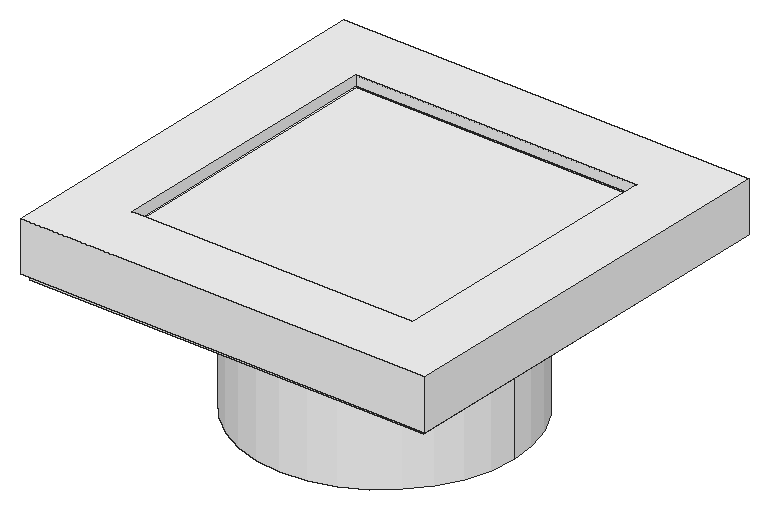
Revit family "Gira_012628", category Electrical Fixtures, host Face, Revit 2017
Family settings
  Host = Face
  Maintain Annotation Orientation = Yes
  Round Connector Dimension = Use Diameter
  Part Type = Normal
  Cut with Voids When Loaded = No
  Shared = No
  Room Calculation Point = No
Parameters (values of type "PB sw. off/2-way System 55 anthra.")
  With mounting plate = "No"
  Wiring system = "Two-way switch"
  White [instance] = White
  Washing machine switch = "No"
  URL = "http://katalog.gira.de/en/datenblatt.html?artikelnr=012628"
  Type of fastening = "Mounting with claw and screw"
  Surface protection = "Other"
  Suitable for degree of protection (IP) = "IP20"
  Rated current = "10"
  Push button switch = "Yes"
  Number of rockers = "1"
  Number of modules (module system) = "1"
  Nominal voltage = "250"
  Name = "PB sw. off/2-way System 55 anthra."
  Mounting method = "Flush mounted (plaster)"
  Model = ""
  Method of operation = "Rocker/button"
  Material quality = "Thermoplastic"
  Material = "Plastic"
  Manufacturer URL = "https://www.gira.de/"
  Manufacturer = "Gira"
  Label space/information surface = "No"
  Illumination = "No"
  HeinzeBIM = "https://bimportal.heinze.de/bim/pb-sw-off-2-way-system-55-anthra-/cf4ee8c3c247ccc73e3f4d982e4b37fb163c21cb"
  Halogen free = "Yes"
  HAN = "012628"
  GTIN = "4010337126287"
  Feedback-signal contact = "No"
  Description = "PB sw.off 2-w Sys55 AN,Pushbutton switch 10 AX 250 V~ with rocker,Universal off 2-way switch,anthracite,"
  Default Elevation = 1219.2 mm
  Data sheet (1) = "https://katalog.gira.de/en/download.html?artikelnr=012628"
  Connection type = "Plug clamp"
  Colour = "Anthracite"
  Category = "Switch"
  BIM (1) = "https://media.stage.bim.site/public/gira/36a6b08/Sys55_Komplettgerät_Schalten und Tasten.rfa?public/gira/36a6b08/Sys55_Komplettgerät_Schalten und Tasten.rfa"
  Available = "No"
  Assembly arrangement = "Basic element with central cover plate"
Reference planes
  plane 1 "Center (Front/Back)": y = 0
  plane 2: z = 0
  plane 3 "Center (Left/Right)": x = 0
Forms (mm)
  Extrusion 1, solid, material "White" <- "White", detail levels medium
    sketch origin (0, 0, 0) x (1, 0, 0) y (0, 1, 0)
      loop
        line (-40.4, 40.4) -> (-40.4, -40.4) -> (40.4, -40.4) -> (40.4, 40.4) -> (-40.4, 40.4)
      loop
        line (-28, 28) -> (-28, -28) -> (28, -28) -> (28, 28) -> (-28, 28)
    from 0 to 10
  Extrusion 2, solid, material "White" <- "White", detail levels fine
    sketch origin (0, 0, 0) x (1, 0, 0) y (0, 1, 0)
      loop
        line (-40.4, 40.4) -> (-40.4, -40.4) -> (40.4, -40.4) -> (40.4, 40.4) -> (-40.4, 40.4)
      loop
        line (-28, 28) -> (-28, -28) -> (28, -28) -> (28, 28) -> (-28, 28)
    from 0 to 10
  Extrusion 3, void
    sketch origin (0, 0, 0) x (1, 0, 0) y (0, 1, 0)
      loop
        line (-38.4, 38.4) -> (-38.4, -38.4) -> (38.4, -38.4) -> (38.4, 38.4) -> (-38.4, 38.4)
    from 0 to 8
  Extrusion 4, solid, material "White" <- "White", detail levels medium+fine
    sketch origin (0, 0, 0) x (1, 0, 0) y (0, 1, 0)
      loop
        line (-39.4, 39.4) -> (-39.4, -39.4) -> (39.4, -39.4) -> (39.4, 39.4) -> (-39.4, 39.4)
    from 0 to -1
  Extrusion 5, solid, material "White" <- "White", detail levels medium+fine
    sketch origin (0, 0, 0) x (1, 0, 0) y (0, 1, 0)
      loop
        line (-35.5, 35.5) -> (-35.5, -35.5) -> (35.5, -35.5) -> (35.5, 35.5) -> (-35.5, 35.5)
    from -2 to -3
  Extrusion 6, solid, material "White" <- "White", detail levels medium+fine
    sketch origin (0, 0, 0) x (1, 0, 0) y (0, 1, 0)
      loop
        circle (0, 0) r 26
    from 0 to -27.5
  Extrusion 7, solid, material "White" <- "White", detail levels coarse
    sketch origin (0, 0, 0) x (1, 0, 0) y (0, 1, 0)
      loop
        line (-40.4, 40.4) -> (-40.4, -40.4) -> (40.4, -40.4) -> (40.4, 40.4) -> (-40.4, 40.4)
    from -27.5 to 10
Cuts and joins
  Extrusion 3 cuts Extrusion 2
Dimensions and locks
  aligned and locked: plane 2 to host face
  aligned and locked: level to host face
  aligned and locked: plane 3 "Center (Left/Right)" to nested 2
  aligned and locked: plane 1 "Center (Front/Back)" to nested 2
Nested families
  nested 1: "Sys55_Abdeckung_Schalten und Tasten_floor_base" at (0, 0, 0), type "Sys55_Abdeckung_Schalten und Tasten_floor_base"
  nested 2: "Schalter" at (0, 0, 0), type "Schalter"
Connectors
  electrical at (0, 0, -27.5)
    settings: on Extrusion 6, index 1, voltage 220 V, apparent load 0 VA, apparent load phase1 0 VA, apparent load phase2 0 VA, apparent load phase3 0 VA, power factor 1, load classification "Other", number of poles 1, system type 30, power factor state 1, is connector primary yes, connector utility no, sub classification motor no, connector description ""
Definition of nested family "Sys55_Abdeckung_Schalten und Tasten_floor_base"
  Parameters
    Default Elevation = 1219.2 mm
    White [instance] = none
  Reference planes
    plane 1 "Center (Front/Back)": y = 0
    plane 2: z = 0
    plane 3 "Center (Left/Right)": x = 0
  Forms (mm)
    Extrusion 1, solid
      sketch origin (0, 0, 0) x (1, 0, 0) y (0, 1, 0)
        loop
          line (-1219.2, 1219.2) -> (-1219.2, -1219.2) -> (1219.2, -1219.2) -> (1219.2, 1219.2) -> (-1219.2, 1219.2)
      from 0 to -304.8
    Extrusion 2, solid, material <- "White", detail levels fine
      sketch origin (0, 0, 0) x (1, 0, 0) y (0, 1, 0)
        loop
          line (-27.5, 27.5) -> (-27.5, -27.5) -> (27.5, -27.5) -> (27.5, 27.5) -> (-27.5, 27.5)
      from 0 to 8
    Extrusion 3, void
      sketch origin (0, 0, 0) x (1, 0, 0) y (0, 1, 0)
        loop
          line (26, 26) -> (-26, 26) -> (-26, -26) -> (26, -26) -> (26, 26)
      from 0 to 6
    Extrusion 4, solid, material <- "White", detail levels medium
      sketch origin (0, 0, 0) x (1, 0, 0) y (0, 1, 0)
        loop
          line (-27.5, 27.5) -> (-27.5, -27.5) -> (27.5, -27.5) -> (27.5, 27.5) -> (-27.5, 27.5)
      from 0 to 8
    Extrusion 5, solid, material <- "White", detail levels medium
      sketch origin (0, 0, 0) x (1, 0, 0) y (0, 1, 0)
        loop
          line (11, -17.5) -> (11, 17.5) -> (-11, 17.5) -> (-11, -17.5) -> (11, -17.5)
      from -6 to 6
    Extrusion 6, solid, material <- "White", detail levels fine
      sketch origin (0, 0, 0) x (1, 0, 0) y (0, 1, 0)
        loop
          line (11, 17.5) -> (-11, 17.5) -> (-11, 16.5) -> (11, 16.5) -> (11, 17.5)
        loop
          line (-11, -16.5) -> (-11, -17.5) -> (11, -17.5) -> (11, -16.5) -> (-11, -16.5)
      from -4 to 6
    Extrusion 7, solid, material <- "White", detail levels fine
      sketch origin (0, 0, 0) x (1, 0, 0) y (0, 1, 0)
        loop
          arc (5, 9.347) -> (0, 10.6) -> (-5, 9.347) r 10.6
          line (-5, 9.347) -> (-5, -9.347)
          arc (-5, -9.347) -> (0, -10.6) -> (5, -9.347) r 10.6
          line (5, -9.347) -> (5, 9.347)
      from -6 to 6
    Extrusion 8, solid, material <- "White", detail levels coarse
      sketch origin (0, 0, 0) x (1, 0, 0) y (0, 1, 0)
        loop
          line (-27.5, 27.5) -> (-27.5, -27.5) -> (27.5, -27.5) -> (27.5, 27.5) -> (-27.5, 27.5)
      from -6 to 8
  Cuts and joins
    Extrusion 3 cuts Extrusion 2
  Dimensions and locks
    aligned and locked: plane 2 to Extrusion 1
    aligned and locked: level to Extrusion 1
Definition of nested family "Schalter"
  Reference planes
    plane 1: y = 0
    plane 2: x = 0
  Lines and regions (mm)
    detail lines
      curve 1: circle (1.375, 2.778, 0) r 0.8 normal (0, 0, 1)
      curve 2: line (1.021, 2.061, 0) -> (0, 0, 0)
      curve 3: line (0, 0, 0) -> (-0.538, 0.266, 0)
  Dimensions and locks
    curve 2 to curve 2 = 2.3 mm
    curve 3 to curve 2 = 0.6 mm
    radius of curve 1 = 0.8 mm
